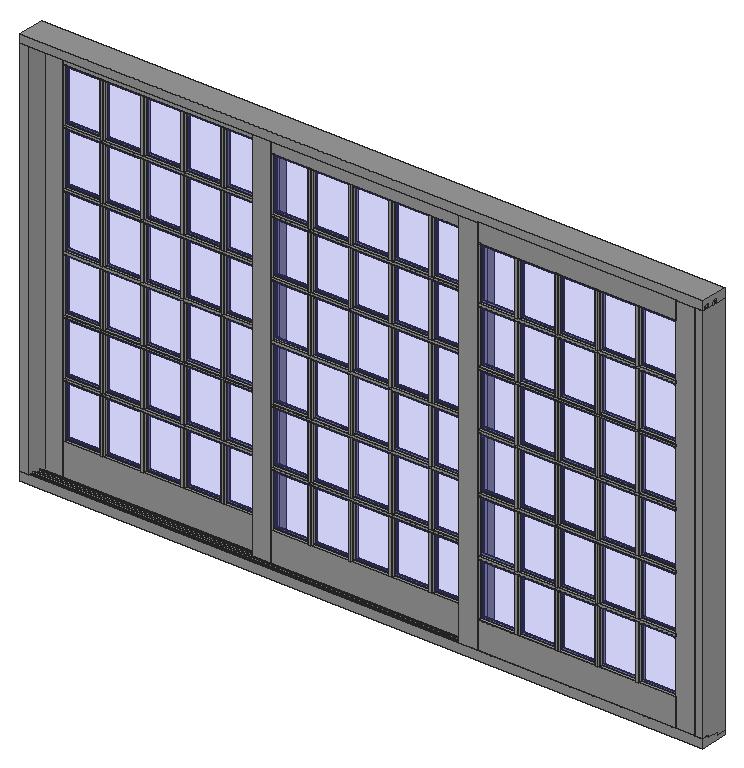
Revit family "VSD3.6SPTS LH", category Doors, host Wall, Revit 2015 (continued)
Automatic sketch dimensions
  Extrusion 1 sketch curve to Extrusion 1 sketch curve = 8 mm
  Extrusion 1 sketch curve to Extrusion 1 sketch curve = 24 mm
  host wall to Extrusion 1 sketch curve = 6 mm
  Extrusion 1 sketch curve to host wall = 18 mm
  level to Extrusion 1 sketch curve = 21 mm
  Extrusion 1 sketch curve to Extrusion 1 sketch curve = 11 mm  (x2)
  Extrusion 1 sketch curve to Extrusion 1 sketch curve = 1 mm  (x2)
  plane 5 to Extrusion 2 sketch curve = 0 mm
  Extrusion 2 sketch curve to host wall = 5 mm  (x2)
  Extrusion 2 sketch curve to Extrusion 2 sketch curve = 9 mm
  Extrusion 2 sketch curve to Extrusion 2 sketch curve = 22 mm
  host wall to Extrusion 2 sketch curve = 5 mm
  Extrusion 2 sketch curve to host wall = 17 mm
  plane 5 to Extrusion 2 sketch curve = 25 mm  (x2)
  Extrusion 2 sketch curve to Extrusion 2 sketch curve = 20 mm  (x3)
  Extrusion 3 sketch curve to plane 4 "Right" = 0 mm
  Extrusion 3 sketch curve to plane 3 "Left" = 0 mm
  Extrusion 3 sketch curve to plane 4 "Right" = 43 mm
  host wall to Extrusion 3 sketch curve = 5 mm  (x4)
  Extrusion 3 sketch curve to Extrusion 3 sketch curve = 45 mm
  plane 3 "Left" to Extrusion 3 sketch curve = 45 mm
  Extrusion 3 sketch curve to Extrusion 3 sketch curve = 2 mm
  host wall to Extrusion 3 sketch curve = 25 mm  (x2)
  Extrusion 4 sketch curve to plane 4 "Right" = 0 mm
  Extrusion 4 sketch curve to plane 3 "Left" = 0 mm
  Extrusion 4 sketch curve to plane 4 "Right" = 43 mm
  Extrusion 4 sketch curve to Extrusion 4 sketch curve = 2 mm  (x2)
  plane 3 "Left" to Extrusion 4 sketch curve = 45 mm
  host wall to Extrusion 4 sketch curve = 5 mm  (x2)
  host wall to Extrusion 4 sketch curve = 25 mm
  Extrusion 4 sketch curve to Extrusion 4 sketch curve = 20 mm
  host wall to Extrusion 4 sketch curve = 37 mm  (x2)
  Extrusion 5 sketch curve to host wall = 13 mm
  Extrusion 5 sketch curve to Extrusion 5 sketch curve = 11 mm  (x2)
  Extrusion 5 sketch curve to Extrusion 5 sketch curve = 1 mm  (x3)
  level to Extrusion 5 sketch curve = 48 mm
  Extrusion 5 sketch curve to Extrusion 5 sketch curve = 1.118 mm
  Extrusion 5 sketch curve to Extrusion 5 sketch curve = 1.882 mm  (x2)
  Extrusion 6 sketch curve to plane 4 "Right" = 0 mm
  Extrusion 6 sketch curve to plane 3 "Left" = 0 mm
  host wall to Extrusion 6 sketch curve = 5 mm  (x2)
  Extrusion 6 sketch curve to Extrusion 6 sketch curve = 43 mm
  Extrusion 6 sketch curve to Extrusion 6 sketch curve = 2 mm  (x2)
  host wall to Extrusion 6 sketch curve = 18 mm  (x2)
  plane 3 "Left" to Extrusion 6 sketch curve = 45 mm
  Extrusion 6 sketch curve to Extrusion 6 sketch curve = 20 mm
  host wall to Extrusion 6 sketch curve = 25 mm
  host wall to Extrusion 7 sketch curve = 6 mm
  Extrusion 7 sketch curve to host wall = 5 mm
  Extrusion 7 sketch curve to Extrusion 7 sketch curve = 1 mm  (x3)
  Extrusion 7 sketch curve to Extrusion 7 sketch curve = 11 mm
  level to Extrusion 7 sketch curve = 36 mm
  Extrusion 7 sketch curve to Extrusion 7 sketch curve = 1.118 mm
  Extrusion 7 sketch curve to Extrusion 7 sketch curve = 1.882 mm  (x2)
  Extrusion 8 sketch curve to plane 8 = 0 mm
  Extrusion 8 sketch curve to plane 9 = 0 mm
  Extrusion 8 sketch curve to plane 12 = 0 mm
  Extrusion 8 sketch curve to plane 13 = 0 mm
  Extrusion 8 sketch curve to plane 9 = 9 mm  (x2)
  Extrusion 8 sketch curve to Extrusion 8 sketch curve = 0.473 mm  (x3)
  Extrusion 8 sketch curve to Extrusion 8 sketch curve = 2 mm  (x5)
  Extrusion 8 sketch curve to Extrusion 8 sketch curve = 6.527 mm
  host wall to Extrusion 8 sketch curve = 5 mm  (x2)
  Extrusion 8 sketch curve to Extrusion 8 sketch curve = 6 mm  (x2)
  Extrusion 8 sketch curve to Extrusion 8 sketch curve = 1.468 mm
  Extrusion 8 sketch curve to host wall = 30 mm  (x2)
  Extrusion 9 sketch curve to plane 22 = 0 mm
  Extrusion 9 sketch curve to plane 23 = 0 mm
  Extrusion 9 sketch curve to plane 20 = 0 mm
  Extrusion 9 sketch curve to plane 21 = 0 mm
  Extrusion 9 sketch curve to Extrusion 9 sketch curve = 9 mm
  Extrusion 9 sketch curve to Extrusion 9 sketch curve = 0 mm
  Extrusion 9 sketch curve to Extrusion 9 sketch curve = 0.473 mm  (x2)
  Extrusion 9 sketch curve to Extrusion 9 sketch curve = 2 mm  (x4)
  Extrusion 9 sketch curve to Extrusion 9 sketch curve = 6.527 mm
  Extrusion 9 sketch curve to host wall = 1 mm  (x2)
  Extrusion 9 sketch curve to plane 20 = 9 mm
  Extrusion 9 sketch curve to host wall = 31 mm
  Extrusion 9 sketch curve to Extrusion 9 sketch curve = 30 mm
  Extrusion 9 sketch curve to Extrusion 9 sketch curve = 1.468 mm  (x2)
  Extrusion 9 sketch curve to host wall = 34 mm  (x2)
  Extrusion 10 sketch curve to plane 16 = 0 mm
  Extrusion 10 sketch curve to plane 17 = 0 mm
  Extrusion 10 sketch curve to plane 19 = 0 mm
  Extrusion 10 sketch curve to plane 18 = 0 mm
  plane 17 to Extrusion 10 sketch curve = 9 mm  (x2)
  Extrusion 10 sketch curve to Extrusion 10 sketch curve = 0.473 mm  (x3)
  Extrusion 10 sketch curve to Extrusion 10 sketch curve = 2 mm  (x4)
  host wall to Extrusion 10 sketch curve = 5.468 mm  (x2)
  Extrusion 10 sketch curve to Extrusion 10 sketch curve = 6.527 mm
  host wall to Extrusion 10 sketch curve = 4 mm
  Extrusion 10 sketch curve to Extrusion 10 sketch curve = 1.468 mm
  Extrusion 10 sketch curve to host wall = 26 mm  (x2)
  host wall to Extrusion 10 sketch curve = 14 mm  (x2)
  host wall to Extrusion 11 sketch curve = 4.5 mm
  host wall to Extrusion 11 sketch curve = 2.3 mm
  Extrusion 11 sketch curve to host wall = 14.3 mm
  Extrusion 11 sketch curve to Extrusion 11 sketch curve = 2.2 mm  (x2)
  plane 5 to Extrusion 11 sketch curve = 25 mm
  Extrusion 11 sketch curve to Extrusion 11 sketch curve = 17.8 mm  (x2)
  Extrusion 12 sketch curve to host wall = 14.5 mm
  Extrusion 12 sketch curve to Extrusion 12 sketch curve = 2.2 mm  (x3)
  Extrusion 12 sketch curve to Extrusion 12 sketch curve = 16.6 mm
  plane 5 to Extrusion 12 sketch curve = 25 mm
  Extrusion 12 sketch curve to Extrusion 12 sketch curve = 17.8 mm  (x2)
  Extrusion 13 sketch curve to host wall = 34 mm  (x7)
  Extrusion 13 sketch curve to Extrusion 13 sketch curve = 2 mm  (x28)
  Extrusion 13 sketch curve to Extrusion 13 sketch curve = 6 mm  (x12)
  Extrusion 13 sketch curve to Extrusion 13 sketch curve = 0.803 mm  (x9)
  Extrusion 13 sketch curve to Extrusion 13 sketch curve = 6.803 mm  (x3)
  Extrusion 13 sketch curve to Extrusion 13 sketch curve = 1.197 mm  (x8)
  Extrusion 13 sketch curve to host wall = 1 mm  (x7)
  plane 5 to Extrusion 13 sketch curve = 45 mm
  Extrusion 13 sketch curve to Extrusion 13 sketch curve = 96 mm
  Extrusion 13 sketch curve to Extrusion 13 sketch curve = 0 mm  (x6)
  Extrusion 13 sketch curve to Extrusion 13 sketch curve = 0.241 mm  (x12)
  Extrusion 13 sketch curve to Extrusion 13 sketch curve = 266 mm  (x5)
  Extrusion 13 sketch curve to Extrusion 13 sketch curve = 6.759 mm  (x6)
  Extrusion 13 sketch curve to Extrusion 13 sketch curve = 13 mm  (x5)
  level to Extrusion 13 sketch curve = 199 mm
  level to Extrusion 13 sketch curve = 21 mm
  Sweep 14 sketch curve to plane 3 "Left" = 338.86 mm
  Sweep 14 sketch curve to plane 3 "Left" = 141 mm
  Sweep 14 sketch curve to Sweep 14 sketch curve = 284 mm
  Sweep 14 sketch curve to profile plane = 0 mm
  Sweep 14 sketch curve to profile plane = 0.241 mm
  Sweep 14 sketch curve to Sweep 14 sketch curve = 6.759 mm
  Sweep 14 sketch curve to Sweep 14 sketch curve = 2 mm  (x2)
  Sweep 14 sketch curve to profile plane = 132.5 mm
  Sweep 14 sketch curve to Sweep 14 sketch curve = 6 mm
  level to Extrusion 15 sketch curve = 190 mm  (x2)
  Extrusion 15 sketch curve to plane 2 "Center (Left/Right)" = 607.667 mm
  Extrusion 15 sketch curve to Extrusion 15 sketch curve = 0 mm  (x43)
  Extrusion 15 sketch curve to Extrusion 15 sketch curve = 197.893 mm  (x3)
  Extrusion 15 sketch curve to Extrusion 15 sketch curve = 13 mm  (x34)
  Extrusion 15 sketch curve to Extrusion 15 sketch curve = 197.85 mm  (x4)
  Extrusion 15 sketch curve to Extrusion 15 sketch curve = 13.01 mm  (x3)
  Extrusion 15 sketch curve to Extrusion 15 sketch curve = 197.86 mm  (x8)
  Extrusion 15 sketch curve to plane 3 "Left" = 141 mm  (x4)
  Extrusion 15 sketch curve to Extrusion 15 sketch curve = 283.988 mm  (x5)
  Extrusion 15 sketch curve to Extrusion 15 sketch curve = 0.012 mm  (x10)
  plane 5 to Extrusion 15 sketch curve = 141.012 mm
  plane 5 to Extrusion 15 sketch curve = 141 mm  (x2)
  Extrusion 16 sketch curve to host wall = 31 mm  (x2)
  Extrusion 16 sketch curve to plane 2 "Center (Left/Right)" = 796.56 mm
  Extrusion 16 sketch curve to Extrusion 16 sketch curve = 2 mm  (x22)
  Extrusion 16 sketch curve to Extrusion 16 sketch curve = 6.759 mm  (x8)
  Extrusion 16 sketch curve to host wall = 1 mm  (x4)
  Extrusion 16 sketch curve to Extrusion 16 sketch curve = 0.241 mm  (x12)
  Extrusion 16 sketch curve to Extrusion 16 sketch curve = 13 mm  (x6)
  Extrusion 16 sketch curve to Extrusion 16 sketch curve = 0 mm  (x4)
  Extrusion 16 sketch curve to host wall = 33 mm  (x2)
  Extrusion 16 sketch curve to Extrusion 16 sketch curve = 179.86 mm  (x3)
  Extrusion 16 sketch curve to Extrusion 16 sketch curve = 1.197 mm  (x8)
  Sweep 17 sketch curve to plane 3 "Left" = 549.72 mm
  Sweep 17 sketch curve to Sweep 17 sketch curve = 197.86 mm
  plane 5 to Sweep 17 sketch curve = 141 mm
  Sweep 17 sketch curve to Sweep 17 sketch curve = 284 mm
  Sweep 17 sketch curve to profile plane = 0 mm
  Sweep 17 sketch curve to profile plane = 0.241 mm
  Sweep 17 sketch curve to Sweep 17 sketch curve = 6.759 mm
  Sweep 17 sketch curve to Sweep 17 sketch curve = 2 mm  (x2)
  Sweep 17 sketch curve to profile plane = 132.5 mm
  Sweep 17 sketch curve to Sweep 17 sketch curve = 6 mm
  Sweep 18 sketch curve to plane 3 "Left" = 760.58 mm
  Sweep 18 sketch curve to Sweep 18 sketch curve = 197.86 mm
  plane 5 to Sweep 18 sketch curve = 141 mm
  Sweep 18 sketch curve to Sweep 18 sketch curve = 284 mm
  Sweep 18 sketch curve to profile plane = 0 mm
  Sweep 18 sketch curve to profile plane = 0.241 mm
  Sweep 18 sketch curve to Sweep 18 sketch curve = 6.759 mm
  Sweep 18 sketch curve to Sweep 18 sketch curve = 2 mm  (x2)
  Sweep 18 sketch curve to profile plane = 132.5 mm
  Sweep 18 sketch curve to Sweep 18 sketch curve = 6 mm
  Sweep 19 sketch curve to plane 2 "Center (Left/Right)" = 818.56 mm
  Sweep 19 sketch curve to Sweep 19 sketch curve = 197.86 mm
  plane 5 to Sweep 19 sketch curve = 141 mm
  Sweep 19 sketch curve to Sweep 19 sketch curve = 284 mm
  Sweep 19 sketch curve to profile plane = 0 mm
  Sweep 19 sketch curve to profile plane = 0.241 mm
  Sweep 19 sketch curve to Sweep 19 sketch curve = 6.759 mm
  Sweep 19 sketch curve to Sweep 19 sketch curve = 2 mm  (x2)
  Sweep 19 sketch curve to profile plane = 132.5 mm
  Sweep 19 sketch curve to Sweep 19 sketch curve = 6 mm
  Sweep 20 sketch curve to plane 2 "Center (Left/Right)" = 607.7 mm
  Sweep 20 sketch curve to Sweep 20 sketch curve = 197.86 mm
  plane 5 to Sweep 20 sketch curve = 141 mm
  Sweep 20 sketch curve to Sweep 20 sketch curve = 284 mm
  Sweep 20 sketch curve to profile plane = 0 mm
  Sweep 20 sketch curve to profile plane = 0.241 mm
  Sweep 20 sketch curve to Sweep 20 sketch curve = 6.759 mm
  Sweep 20 sketch curve to Sweep 20 sketch curve = 2 mm  (x2)
  Sweep 20 sketch curve to profile plane = 132.5 mm
  Sweep 20 sketch curve to Sweep 20 sketch curve = 6 mm
  Sweep 21 sketch curve to plane 3 "Left" = 338.86 mm
  Sweep 21 sketch curve to plane 3 "Left" = 141 mm
  plane 5 to Sweep 21 sketch curve = 438 mm
  Sweep 21 sketch curve to Sweep 21 sketch curve = 284 mm
  Sweep 21 sketch curve to profile plane = 0 mm
  Sweep 21 sketch curve to profile plane = 0.241 mm
  Sweep 21 sketch curve to Sweep 21 sketch curve = 6.759 mm
  Sweep 21 sketch curve to Sweep 21 sketch curve = 2 mm  (x2)
  Sweep 21 sketch curve to profile plane = 132.5 mm
  Sweep 21 sketch curve to Sweep 21 sketch curve = 6 mm
  Extrusion 22 sketch curve to host wall = 31 mm  (x2)
  Extrusion 22 sketch curve to plane 2 "Center (Left/Right)" = 796.56 mm
  Extrusion 22 sketch curve to Extrusion 22 sketch curve = 2 mm  (x22)
  Extrusion 22 sketch curve to Extrusion 22 sketch curve = 6.759 mm  (x8)
  Extrusion 22 sketch curve to host wall = 1 mm  (x4)
  Extrusion 22 sketch curve to Extrusion 22 sketch curve = 0.241 mm  (x12)
  Extrusion 22 sketch curve to Extrusion 22 sketch curve = 13 mm  (x6)
  Extrusion 22 sketch curve to Extrusion 22 sketch curve = 0 mm  (x4)
  Extrusion 22 sketch curve to host wall = 33 mm  (x2)
  Extrusion 22 sketch curve to Extrusion 22 sketch curve = 179.86 mm  (x3)
  Extrusion 22 sketch curve to Extrusion 22 sketch curve = 1.197 mm  (x8)
  Sweep 23 sketch curve to plane 3 "Left" = 549.72 mm
  Sweep 23 sketch curve to Sweep 23 sketch curve = 197.86 mm
  plane 5 to Sweep 23 sketch curve = 438 mm
  Sweep 23 sketch curve to Sweep 23 sketch curve = 284 mm
  Sweep 23 sketch curve to profile plane = 0 mm
  Sweep 23 sketch curve to profile plane = 0.241 mm
  Sweep 23 sketch curve to Sweep 23 sketch curve = 6.759 mm
  Sweep 23 sketch curve to Sweep 23 sketch curve = 2 mm  (x2)
  Sweep 23 sketch curve to profile plane = 132.5 mm
  Sweep 23 sketch curve to Sweep 23 sketch curve = 6 mm
  Sweep 24 sketch curve to plane 3 "Left" = 760.58 mm
  Sweep 24 sketch curve to Sweep 24 sketch curve = 197.86 mm
  plane 5 to Sweep 24 sketch curve = 438 mm
  Sweep 24 sketch curve to Sweep 24 sketch curve = 284 mm
  Sweep 24 sketch curve to profile plane = 0 mm
  Sweep 24 sketch curve to profile plane = 0.241 mm
  Sweep 24 sketch curve to Sweep 24 sketch curve = 6.759 mm
  Sweep 24 sketch curve to Sweep 24 sketch curve = 2 mm  (x2)
  Sweep 24 sketch curve to profile plane = 132.5 mm
  Sweep 24 sketch curve to Sweep 24 sketch curve = 6 mm
  Sweep 25 sketch curve to plane 2 "Center (Left/Right)" = 818.56 mm
  Sweep 25 sketch curve to Sweep 25 sketch curve = 197.86 mm
  plane 5 to Sweep 25 sketch curve = 438 mm
  Sweep 25 sketch curve to Sweep 25 sketch curve = 284 mm
  Sweep 25 sketch curve to profile plane = 0 mm
  Sweep 25 sketch curve to profile plane = 0.241 mm
  Sweep 25 sketch curve to Sweep 25 sketch curve = 6.759 mm
  Sweep 25 sketch curve to Sweep 25 sketch curve = 2 mm  (x2)
  Sweep 25 sketch curve to profile plane = 132.5 mm
  Sweep 25 sketch curve to Sweep 25 sketch curve = 6 mm
  Sweep 26 sketch curve to plane 2 "Center (Left/Right)" = 607.7 mm
  Sweep 26 sketch curve to Sweep 26 sketch curve = 197.86 mm
  plane 5 to Sweep 26 sketch curve = 438 mm
  Sweep 26 sketch curve to Sweep 26 sketch curve = 284 mm
  Sweep 26 sketch curve to profile plane = 0 mm
  Sweep 26 sketch curve to profile plane = 0.241 mm
  Sweep 26 sketch curve to Sweep 26 sketch curve = 6.759 mm
  Sweep 26 sketch curve to Sweep 26 sketch curve = 2 mm  (x2)
  Sweep 26 sketch curve to profile plane = 132.5 mm
  Sweep 26 sketch curve to Sweep 26 sketch curve = 6 mm
  Sweep 27 sketch curve to plane 3 "Left" = 338.86 mm
  Sweep 27 sketch curve to plane 3 "Left" = 141 mm
  plane 5 to Sweep 27 sketch curve = 735 mm
  Sweep 27 sketch curve to Sweep 27 sketch curve = 284 mm
  Sweep 27 sketch curve to profile plane = 0 mm
  Sweep 27 sketch curve to profile plane = 0.241 mm
  Sweep 27 sketch curve to Sweep 27 sketch curve = 6.759 mm
  Sweep 27 sketch curve to Sweep 27 sketch curve = 2 mm  (x2)
  Sweep 27 sketch curve to profile plane = 132.5 mm
  Sweep 27 sketch curve to Sweep 27 sketch curve = 6 mm
  Extrusion 28 sketch curve to host wall = 31 mm  (x2)
  Extrusion 28 sketch curve to plane 2 "Center (Left/Right)" = 796.56 mm
  Extrusion 28 sketch curve to Extrusion 28 sketch curve = 2 mm  (x22)
  Extrusion 28 sketch curve to Extrusion 28 sketch curve = 6.759 mm  (x8)
  Extrusion 28 sketch curve to host wall = 1 mm  (x4)
  Extrusion 28 sketch curve to Extrusion 28 sketch curve = 0.241 mm  (x12)
  Extrusion 28 sketch curve to Extrusion 28 sketch curve = 13 mm  (x6)
  Extrusion 28 sketch curve to Extrusion 28 sketch curve = 0 mm  (x4)
  Extrusion 28 sketch curve to host wall = 33 mm  (x2)
  Extrusion 28 sketch curve to Extrusion 28 sketch curve = 179.86 mm  (x3)
  Extrusion 28 sketch curve to Extrusion 28 sketch curve = 1.197 mm  (x8)
  Sweep 29 sketch curve to plane 3 "Left" = 549.72 mm
  Sweep 29 sketch curve to Sweep 29 sketch curve = 197.86 mm
  plane 5 to Sweep 29 sketch curve = 735 mm
  Sweep 29 sketch curve to Sweep 29 sketch curve = 284 mm
  Sweep 29 sketch curve to profile plane = 0 mm
  Sweep 29 sketch curve to profile plane = 0.241 mm
  Sweep 29 sketch curve to Sweep 29 sketch curve = 6.759 mm
  Sweep 29 sketch curve to Sweep 29 sketch curve = 2 mm  (x2)
  Sweep 29 sketch curve to profile plane = 132.5 mm
  Sweep 29 sketch curve to Sweep 29 sketch curve = 6 mm
  Sweep 30 sketch curve to plane 3 "Left" = 760.58 mm
  Sweep 30 sketch curve to Sweep 30 sketch curve = 197.86 mm
  plane 5 to Sweep 30 sketch curve = 735 mm
  Sweep 30 sketch curve to Sweep 30 sketch curve = 284 mm
  Sweep 30 sketch curve to profile plane = 0 mm
  Sweep 30 sketch curve to profile plane = 0.241 mm
  Sweep 30 sketch curve to Sweep 30 sketch curve = 6.759 mm
  Sweep 30 sketch curve to Sweep 30 sketch curve = 2 mm  (x2)
  Sweep 30 sketch curve to profile plane = 132.5 mm
  Sweep 30 sketch curve to Sweep 30 sketch curve = 6 mm
  Sweep 31 sketch curve to plane 2 "Center (Left/Right)" = 818.56 mm
  Sweep 31 sketch curve to Sweep 31 sketch curve = 197.86 mm
  plane 5 to Sweep 31 sketch curve = 735 mm
  Sweep 31 sketch curve to Sweep 31 sketch curve = 284 mm
  Sweep 31 sketch curve to profile plane = 0 mm
  Sweep 31 sketch curve to profile plane = 0.241 mm
  Sweep 31 sketch curve to Sweep 31 sketch curve = 6.759 mm
  Sweep 31 sketch curve to Sweep 31 sketch curve = 2 mm  (x2)
  Sweep 31 sketch curve to profile plane = 132.5 mm
  Sweep 31 sketch curve to Sweep 31 sketch curve = 6 mm
  Sweep 32 sketch curve to plane 2 "Center (Left/Right)" = 607.7 mm
  Sweep 32 sketch curve to Sweep 32 sketch curve = 197.86 mm
  plane 5 to Sweep 32 sketch curve = 735 mm
  Sweep 32 sketch curve to Sweep 32 sketch curve = 284 mm
  Sweep 32 sketch curve to profile plane = 0 mm
  Sweep 32 sketch curve to profile plane = 0.241 mm
  Sweep 32 sketch curve to Sweep 32 sketch curve = 6.759 mm
  Sweep 32 sketch curve to Sweep 32 sketch curve = 2 mm  (x2)
  Sweep 32 sketch curve to profile plane = 132.5 mm
  Sweep 32 sketch curve to Sweep 32 sketch curve = 6 mm
  Sweep 33 sketch curve to plane 3 "Left" = 338.86 mm
  Sweep 33 sketch curve to plane 3 "Left" = 141 mm
  plane 5 to Sweep 33 sketch curve = 1032 mm
  Sweep 33 sketch curve to Sweep 33 sketch curve = 284 mm
  Sweep 33 sketch curve to profile plane = 0 mm
  Sweep 33 sketch curve to profile plane = 0.241 mm
  Sweep 33 sketch curve to Sweep 33 sketch curve = 6.759 mm
  Sweep 33 sketch curve to Sweep 33 sketch curve = 2 mm  (x2)
  Sweep 33 sketch curve to profile plane = 132.5 mm
  Sweep 33 sketch curve to Sweep 33 sketch curve = 6 mm
  Extrusion 34 sketch curve to host wall = 31 mm  (x2)
  Extrusion 34 sketch curve to plane 2 "Center (Left/Right)" = 796.56 mm
  Extrusion 34 sketch curve to Extrusion 34 sketch curve = 2 mm  (x22)
  Extrusion 34 sketch curve to Extrusion 34 sketch curve = 6.759 mm  (x8)
  Extrusion 34 sketch curve to host wall = 1 mm  (x4)
  Extrusion 34 sketch curve to Extrusion 34 sketch curve = 0.241 mm  (x12)
  Extrusion 34 sketch curve to Extrusion 34 sketch curve = 13 mm  (x6)
  Extrusion 34 sketch curve to Extrusion 34 sketch curve = 0 mm  (x4)
  Extrusion 34 sketch curve to host wall = 33 mm  (x2)
  Extrusion 34 sketch curve to Extrusion 34 sketch curve = 179.86 mm  (x3)
  Extrusion 34 sketch curve to Extrusion 34 sketch curve = 1.197 mm  (x8)
  Sweep 35 sketch curve to plane 3 "Left" = 549.72 mm
  Sweep 35 sketch curve to Sweep 35 sketch curve = 197.86 mm
  plane 5 to Sweep 35 sketch curve = 1032 mm
  Sweep 35 sketch curve to Sweep 35 sketch curve = 284 mm
  Sweep 35 sketch curve to profile plane = 0 mm
  Sweep 35 sketch curve to profile plane = 0.241 mm
  Sweep 35 sketch curve to Sweep 35 sketch curve = 6.759 mm
  Sweep 35 sketch curve to Sweep 35 sketch curve = 2 mm  (x2)
  Sweep 35 sketch curve to profile plane = 132.5 mm
  Sweep 35 sketch curve to Sweep 35 sketch curve = 6 mm
  Sweep 36 sketch curve to plane 3 "Left" = 760.58 mm
  Sweep 36 sketch curve to Sweep 36 sketch curve = 197.86 mm
  plane 5 to Sweep 36 sketch curve = 1032 mm
  Sweep 36 sketch curve to Sweep 36 sketch curve = 284 mm
  Sweep 36 sketch curve to profile plane = 0 mm
  Sweep 36 sketch curve to profile plane = 0.241 mm
  Sweep 36 sketch curve to Sweep 36 sketch curve = 6.759 mm
  Sweep 36 sketch curve to Sweep 36 sketch curve = 2 mm  (x2)
  Sweep 36 sketch curve to profile plane = 132.5 mm
  Sweep 36 sketch curve to Sweep 36 sketch curve = 6 mm
  Sweep 37 sketch curve to plane 2 "Center (Left/Right)" = 818.56 mm
  Sweep 37 sketch curve to Sweep 37 sketch curve = 197.86 mm
  plane 5 to Sweep 37 sketch curve = 1032 mm
  Sweep 37 sketch curve to Sweep 37 sketch curve = 284 mm
  Sweep 37 sketch curve to profile plane = 0 mm
  Sweep 37 sketch curve to profile plane = 0.241 mm
  Sweep 37 sketch curve to Sweep 37 sketch curve = 6.759 mm
  Sweep 37 sketch curve to Sweep 37 sketch curve = 2 mm  (x2)
  Sweep 37 sketch curve to profile plane = 132.5 mm
  Sweep 37 sketch curve to Sweep 37 sketch curve = 6 mm
  Sweep 38 sketch curve to plane 2 "Center (Left/Right)" = 607.7 mm
  Sweep 38 sketch curve to Sweep 38 sketch curve = 197.86 mm
  plane 5 to Sweep 38 sketch curve = 1032 mm
  Sweep 38 sketch curve to Sweep 38 sketch curve = 284 mm
  Sweep 38 sketch curve to profile plane = 0 mm
  Sweep 38 sketch curve to profile plane = 0.241 mm
  Sweep 38 sketch curve to Sweep 38 sketch curve = 6.759 mm
  Sweep 38 sketch curve to Sweep 38 sketch curve = 2 mm  (x2)
  Sweep 38 sketch curve to profile plane = 132.5 mm
  Sweep 38 sketch curve to Sweep 38 sketch curve = 6 mm
  Sweep 39 sketch curve to plane 3 "Left" = 338.86 mm
  Sweep 39 sketch curve to plane 3 "Left" = 141 mm
  level to Sweep 39 sketch curve = 771 mm
  Sweep 39 sketch curve to Sweep 39 sketch curve = 284 mm
  Sweep 39 sketch curve to profile plane = 0 mm
  Sweep 39 sketch curve to profile plane = 0.241 mm
  Sweep 39 sketch curve to Sweep 39 sketch curve = 6.759 mm
  Sweep 39 sketch curve to Sweep 39 sketch curve = 2 mm  (x2)
  Sweep 39 sketch curve to profile plane = 132.5 mm
  Sweep 39 sketch curve to Sweep 39 sketch curve = 6 mm
  Extrusion 40 sketch curve to host wall = 31 mm  (x2)
  Extrusion 40 sketch curve to plane 2 "Center (Left/Right)" = 796.56 mm
  Extrusion 40 sketch curve to Extrusion 40 sketch curve = 2 mm  (x22)
  Extrusion 40 sketch curve to Extrusion 40 sketch curve = 6.759 mm  (x8)
  Extrusion 40 sketch curve to host wall = 1 mm  (x4)
  Extrusion 40 sketch curve to Extrusion 40 sketch curve = 0.241 mm  (x12)
  Extrusion 40 sketch curve to Extrusion 40 sketch curve = 13 mm  (x6)
  Extrusion 40 sketch curve to Extrusion 40 sketch curve = 0 mm  (x4)
  Extrusion 40 sketch curve to host wall = 33 mm  (x2)
  Extrusion 40 sketch curve to Extrusion 40 sketch curve = 179.86 mm  (x3)
  Extrusion 40 sketch curve to Extrusion 40 sketch curve = 1.197 mm  (x8)
  Sweep 41 sketch curve to plane 3 "Left" = 549.72 mm
  Sweep 41 sketch curve to Sweep 41 sketch curve = 197.86 mm
  level to Sweep 41 sketch curve = 771 mm
  Sweep 41 sketch curve to Sweep 41 sketch curve = 284 mm
  Sweep 41 sketch curve to profile plane = 0 mm
  Sweep 41 sketch curve to profile plane = 0.241 mm
  Sweep 41 sketch curve to Sweep 41 sketch curve = 6.759 mm
  Sweep 41 sketch curve to Sweep 41 sketch curve = 2 mm  (x2)
  Sweep 41 sketch curve to profile plane = 132.5 mm
  Sweep 41 sketch curve to Sweep 41 sketch curve = 6 mm
  Sweep 42 sketch curve to plane 3 "Left" = 760.58 mm
  Sweep 42 sketch curve to Sweep 42 sketch curve = 197.86 mm
  level to Sweep 42 sketch curve = 771 mm
  Sweep 42 sketch curve to Sweep 42 sketch curve = 284 mm
  Sweep 42 sketch curve to profile plane = 0 mm
  Sweep 42 sketch curve to profile plane = 0.241 mm
  Sweep 42 sketch curve to Sweep 42 sketch curve = 6.759 mm
  Sweep 42 sketch curve to Sweep 42 sketch curve = 2 mm  (x2)
  Sweep 42 sketch curve to profile plane = 132.5 mm
  Sweep 42 sketch curve to Sweep 42 sketch curve = 6 mm
  Sweep 43 sketch curve to plane 2 "Center (Left/Right)" = 818.56 mm
  Sweep 43 sketch curve to Sweep 43 sketch curve = 197.86 mm
  level to Sweep 43 sketch curve = 771 mm
  Sweep 43 sketch curve to Sweep 43 sketch curve = 284 mm
  Sweep 43 sketch curve to profile plane = 0 mm
  Sweep 43 sketch curve to profile plane = 0.241 mm
  Sweep 43 sketch curve to Sweep 43 sketch curve = 6.759 mm
  Sweep 43 sketch curve to Sweep 43 sketch curve = 2 mm  (x2)
  Sweep 43 sketch curve to profile plane = 132.5 mm
  Sweep 43 sketch curve to Sweep 43 sketch curve = 6 mm
  Sweep 44 sketch curve to plane 2 "Center (Left/Right)" = 607.7 mm
  Sweep 44 sketch curve to Sweep 44 sketch curve = 197.86 mm
  level to Sweep 44 sketch curve = 771 mm
  Sweep 44 sketch curve to Sweep 44 sketch curve = 284 mm
  Sweep 44 sketch curve to profile plane = 0 mm
  Sweep 44 sketch curve to profile plane = 0.241 mm
  Sweep 44 sketch curve to Sweep 44 sketch curve = 6.759 mm
  Sweep 44 sketch curve to Sweep 44 sketch curve = 2 mm  (x2)
  Sweep 44 sketch curve to profile plane = 132.5 mm
  Sweep 44 sketch curve to Sweep 44 sketch curve = 6 mm
  Sweep 45 sketch curve to plane 3 "Left" = 338.86 mm
  Sweep 45 sketch curve to plane 3 "Left" = 141 mm
  level to Sweep 45 sketch curve = 474 mm
  level to Sweep 45 sketch curve = 190 mm
  Sweep 45 sketch curve to profile plane = 0 mm
  Sweep 45 sketch curve to profile plane = 0.241 mm
  Sweep 45 sketch curve to Sweep 45 sketch curve = 6.759 mm
  Sweep 45 sketch curve to Sweep 45 sketch curve = 2 mm  (x2)
  Sweep 45 sketch curve to profile plane = 132.5 mm
  Sweep 45 sketch curve to Sweep 45 sketch curve = 6 mm
  Extrusion 46 sketch curve to host wall = 31 mm  (x2)
  Extrusion 46 sketch curve to plane 2 "Center (Left/Right)" = 796.56 mm
  Extrusion 46 sketch curve to Extrusion 46 sketch curve = 2 mm  (x22)
  Extrusion 46 sketch curve to Extrusion 46 sketch curve = 6.759 mm  (x8)
  Extrusion 46 sketch curve to host wall = 1 mm  (x4)
  Extrusion 46 sketch curve to Extrusion 46 sketch curve = 0.241 mm  (x12)
  Extrusion 46 sketch curve to Extrusion 46 sketch curve = 13 mm  (x6)
  Extrusion 46 sketch curve to Extrusion 46 sketch curve = 0 mm  (x4)
  Extrusion 46 sketch curve to host wall = 33 mm  (x2)
  Extrusion 46 sketch curve to Extrusion 46 sketch curve = 179.86 mm  (x3)
  Extrusion 46 sketch curve to Extrusion 46 sketch curve = 1.197 mm  (x8)
  level to Sweep 47 sketch curve = 190 mm
  Sweep 47 sketch curve to plane 3 "Left" = 549.72 mm
  Sweep 47 sketch curve to Sweep 47 sketch curve = 197.86 mm
  Sweep 47 sketch curve to Sweep 47 sketch curve = 284 mm
  Sweep 47 sketch curve to profile plane = 0 mm
  Sweep 47 sketch curve to profile plane = 0.241 mm
  Sweep 47 sketch curve to Sweep 47 sketch curve = 6.759 mm
  Sweep 47 sketch curve to Sweep 47 sketch curve = 2 mm  (x2)
  Sweep 47 sketch curve to profile plane = 132.5 mm
  Sweep 47 sketch curve to Sweep 47 sketch curve = 6 mm
  level to Sweep 48 sketch curve = 190 mm
  Sweep 48 sketch curve to plane 3 "Left" = 760.58 mm
  Sweep 48 sketch curve to Sweep 48 sketch curve = 197.86 mm
  Sweep 48 sketch curve to Sweep 48 sketch curve = 284 mm
  Sweep 48 sketch curve to profile plane = 0 mm
  Sweep 48 sketch curve to profile plane = 0.241 mm
  Sweep 48 sketch curve to Sweep 48 sketch curve = 6.759 mm
  Sweep 48 sketch curve to Sweep 48 sketch curve = 2 mm  (x2)
  Sweep 48 sketch curve to profile plane = 132.5 mm
  Sweep 48 sketch curve to Sweep 48 sketch curve = 6 mm
  level to Sweep 49 sketch curve = 190 mm
  Sweep 49 sketch curve to plane 2 "Center (Left/Right)" = 818.56 mm
  Sweep 49 sketch curve to Sweep 49 sketch curve = 197.86 mm
  Sweep 49 sketch curve to Sweep 49 sketch curve = 284 mm
  Sweep 49 sketch curve to profile plane = 0 mm
  Sweep 49 sketch curve to profile plane = 0.241 mm
  Sweep 49 sketch curve to Sweep 49 sketch curve = 6.759 mm
  Sweep 49 sketch curve to Sweep 49 sketch curve = 2 mm  (x2)
  Sweep 49 sketch curve to profile plane = 132.5 mm
  Sweep 49 sketch curve to Sweep 49 sketch curve = 6 mm
  level to Sweep 50 sketch curve = 190 mm
  Sweep 50 sketch curve to plane 2 "Center (Left/Right)" = 607.7 mm
  Sweep 50 sketch curve to Sweep 50 sketch curve = 197.86 mm
  Sweep 50 sketch curve to Sweep 50 sketch curve = 284 mm
  Sweep 50 sketch curve to profile plane = 0 mm
  Sweep 50 sketch curve to profile plane = 0.241 mm
  Sweep 50 sketch curve to Sweep 50 sketch curve = 6.759 mm
  Sweep 50 sketch curve to Sweep 50 sketch curve = 2 mm  (x2)
  Sweep 50 sketch curve to profile plane = 132.5 mm
  Sweep 50 sketch curve to Sweep 50 sketch curve = 6 mm
  host wall to Extrusion 51 sketch curve = 14 mm  (x7)
  Extrusion 51 sketch curve to Extrusion 51 sketch curve = 2 mm  (x28)
  host wall to Extrusion 51 sketch curve = 6 mm  (x12)
  host wall to Extrusion 51 sketch curve = 5.197 mm  (x12)
  Extrusion 51 sketch curve to Extrusion 51 sketch curve = 1.197 mm  (x8)
  Extrusion 51 sketch curve to host wall = 26 mm  (x7)
  plane 5 to Extrusion 51 sketch curve = 45 mm
  Extrusion 51 sketch curve to Extrusion 51 sketch curve = 96 mm
  Extrusion 51 sketch curve to Extrusion 51 sketch curve = 0 mm  (x6)
  Extrusion 51 sketch curve to Extrusion 51 sketch curve = 0.241 mm  (x12)
  Extrusion 51 sketch curve to Extrusion 51 sketch curve = 266 mm  (x5)
  Extrusion 51 sketch curve to Extrusion 51 sketch curve = 6.759 mm  (x6)
  Extrusion 51 sketch curve to Extrusion 51 sketch curve = 13 mm  (x5)
  level to Extrusion 51 sketch curve = 199 mm
  level to Extrusion 51 sketch curve = 33 mm
  Sweep 52 sketch curve to plane 2 "Center (Left/Right)" = 322.807 mm
  Sweep 52 sketch curve to Sweep 52 sketch curve = 197.86 mm
  Sweep 52 sketch curve to Sweep 52 sketch curve = 284 mm
  Sweep 52 sketch curve to profile plane = 0 mm
  Sweep 52 sketch curve to profile plane = 0.241 mm
  Sweep 52 sketch curve to Sweep 52 sketch curve = 6.759 mm
  Sweep 52 sketch curve to Sweep 52 sketch curve = 2 mm  (x2)
  Sweep 52 sketch curve to profile plane = 132.5 mm
  Sweep 52 sketch curve to Sweep 52 sketch curve = 6 mm
  level to Extrusion 53 sketch curve = 190 mm  (x2)
  plane 2 "Center (Left/Right)" to Extrusion 53 sketch curve = 520.667 mm
  Extrusion 53 sketch curve to Extrusion 53 sketch curve = 0 mm  (x43)
  Extrusion 53 sketch curve to Extrusion 53 sketch curve = 197.893 mm  (x3)
  Extrusion 53 sketch curve to Extrusion 53 sketch curve = 13 mm  (x34)
  plane 2 "Center (Left/Right)" to Extrusion 53 sketch curve = 111.923 mm  (x4)
  Extrusion 53 sketch curve to Extrusion 53 sketch curve = 13.01 mm  (x3)
  Extrusion 53 sketch curve to plane 2 "Center (Left/Right)" = 98.947 mm  (x5)
  Extrusion 53 sketch curve to Extrusion 53 sketch curve = 197.86 mm  (x7)
  Extrusion 53 sketch curve to Extrusion 53 sketch curve = 283.988 mm  (x5)
  Extrusion 53 sketch curve to Extrusion 53 sketch curve = 0.012 mm  (x10)
  plane 5 to Extrusion 53 sketch curve = 141.012 mm
  plane 5 to Extrusion 53 sketch curve = 141 mm  (x2)
  host wall to Extrusion 54 sketch curve = 4 mm  (x8)
  plane 2 "Center (Left/Right)" to Extrusion 54 sketch curve = 331.773 mm
  Extrusion 54 sketch curve to Extrusion 54 sketch curve = 2 mm  (x18)
  Extrusion 54 sketch curve to Extrusion 54 sketch curve = 6.759 mm  (x8)
  Extrusion 54 sketch curve to Extrusion 54 sketch curve = 0.241 mm  (x12)
  Extrusion 54 sketch curve to Extrusion 54 sketch curve = 13 mm  (x6)
  Extrusion 54 sketch curve to Extrusion 54 sketch curve = 0 mm  (x2)
  host wall to Extrusion 54 sketch curve = 6 mm  (x2)
  plane 2 "Center (Left/Right)" to Extrusion 54 sketch curve = 120.913 mm
  Extrusion 54 sketch curve to plane 2 "Center (Left/Right)" = 89.947 mm
  Extrusion 54 sketch curve to Extrusion 54 sketch curve = 179.86 mm
  Extrusion 54 sketch curve to host wall = 26 mm  (x4)
  Extrusion 54 sketch curve to Extrusion 54 sketch curve = 1.197 mm  (x8)
  Sweep 55 sketch curve to plane 2 "Center (Left/Right)" = 111.947 mm
  Sweep 55 sketch curve to Sweep 55 sketch curve = 197.86 mm
  plane 5 to Sweep 55 sketch curve = 141 mm
  Sweep 55 sketch curve to Sweep 55 sketch curve = 284 mm
  Sweep 55 sketch curve to profile plane = 0 mm
  Sweep 55 sketch curve to profile plane = 0.241 mm
  Sweep 55 sketch curve to Sweep 55 sketch curve = 6.759 mm
  Sweep 55 sketch curve to Sweep 55 sketch curve = 2 mm  (x2)
  Sweep 55 sketch curve to profile plane = 132.5 mm
  Sweep 55 sketch curve to Sweep 55 sketch curve = 6 mm
  plane 2 "Center (Left/Right)" to Sweep 56 sketch curve = 98.913 mm
  Sweep 56 sketch curve to plane 2 "Center (Left/Right)" = 98.947 mm
  plane 5 to Sweep 56 sketch curve = 141 mm
  Sweep 56 sketch curve to Sweep 56 sketch curve = 284 mm
  Sweep 56 sketch curve to profile plane = 0 mm
  Sweep 56 sketch curve to profile plane = 0.241 mm
  Sweep 56 sketch curve to Sweep 56 sketch curve = 6.759 mm
  Sweep 56 sketch curve to Sweep 56 sketch curve = 2 mm  (x2)
  Sweep 56 sketch curve to profile plane = 132.5 mm
  Sweep 56 sketch curve to Sweep 56 sketch curve = 6 mm
  plane 2 "Center (Left/Right)" to Sweep 57 sketch curve = 309.773 mm
  plane 2 "Center (Left/Right)" to Sweep 57 sketch curve = 111.913 mm
  plane 5 to Sweep 57 sketch curve = 141 mm
  Sweep 57 sketch curve to Sweep 57 sketch curve = 284 mm
  Sweep 57 sketch curve to profile plane = 0 mm
  Sweep 57 sketch curve to profile plane = 0.241 mm
  Sweep 57 sketch curve to Sweep 57 sketch curve = 6.759 mm
  Sweep 57 sketch curve to Sweep 57 sketch curve = 2 mm  (x2)
  Sweep 57 sketch curve to profile plane = 132.5 mm
  Sweep 57 sketch curve to Sweep 57 sketch curve = 6 mm
  plane 2 "Center (Left/Right)" to Sweep 58 sketch curve = 520.633 mm
  Sweep 58 sketch curve to Sweep 58 sketch curve = 197.86 mm
  plane 5 to Sweep 58 sketch curve = 141 mm
  Sweep 58 sketch curve to Sweep 58 sketch curve = 284 mm
  Sweep 58 sketch curve to profile plane = 0 mm
  Sweep 58 sketch curve to profile plane = 0.241 mm
  Sweep 58 sketch curve to Sweep 58 sketch curve = 6.759 mm
  Sweep 58 sketch curve to Sweep 58 sketch curve = 2 mm  (x2)
  Sweep 58 sketch curve to profile plane = 132.5 mm
  Sweep 58 sketch curve to Sweep 58 sketch curve = 6 mm
  Sweep 59 sketch curve to plane 2 "Center (Left/Right)" = 322.807 mm
  Sweep 59 sketch curve to Sweep 59 sketch curve = 197.86 mm
  plane 5 to Sweep 59 sketch curve = 438 mm
  Sweep 59 sketch curve to Sweep 59 sketch curve = 284 mm
  Sweep 59 sketch curve to profile plane = 0 mm
  Sweep 59 sketch curve to profile plane = 0.241 mm
  Sweep 59 sketch curve to Sweep 59 sketch curve = 6.759 mm
  Sweep 59 sketch curve to Sweep 59 sketch curve = 2 mm  (x2)
  Sweep 59 sketch curve to profile plane = 132.5 mm
  Sweep 59 sketch curve to Sweep 59 sketch curve = 6 mm
  host wall to Extrusion 60 sketch curve = 4 mm  (x8)
  plane 2 "Center (Left/Right)" to Extrusion 60 sketch curve = 331.773 mm
  Extrusion 60 sketch curve to Extrusion 60 sketch curve = 2 mm  (x18)
  Extrusion 60 sketch curve to Extrusion 60 sketch curve = 6.759 mm  (x8)
  Extrusion 60 sketch curve to Extrusion 60 sketch curve = 0.241 mm  (x12)
  Extrusion 60 sketch curve to Extrusion 60 sketch curve = 13 mm  (x6)
  Extrusion 60 sketch curve to Extrusion 60 sketch curve = 0 mm  (x2)
  host wall to Extrusion 60 sketch curve = 6 mm  (x2)
  plane 2 "Center (Left/Right)" to Extrusion 60 sketch curve = 120.913 mm
  Extrusion 60 sketch curve to plane 2 "Center (Left/Right)" = 89.947 mm
  Extrusion 60 sketch curve to Extrusion 60 sketch curve = 179.86 mm
  Extrusion 60 sketch curve to host wall = 26 mm  (x4)
  Extrusion 60 sketch curve to Extrusion 60 sketch curve = 1.197 mm  (x8)
  Sweep 61 sketch curve to plane 2 "Center (Left/Right)" = 111.947 mm
  Sweep 61 sketch curve to Sweep 61 sketch curve = 197.86 mm
  plane 5 to Sweep 61 sketch curve = 438 mm
  Sweep 61 sketch curve to Sweep 61 sketch curve = 284 mm
  Sweep 61 sketch curve to profile plane = 0 mm
  Sweep 61 sketch curve to profile plane = 0.241 mm
  Sweep 61 sketch curve to Sweep 61 sketch curve = 6.759 mm
  Sweep 61 sketch curve to Sweep 61 sketch curve = 2 mm  (x2)
  Sweep 61 sketch curve to profile plane = 132.5 mm
  Sweep 61 sketch curve to Sweep 61 sketch curve = 6 mm
  plane 2 "Center (Left/Right)" to Sweep 62 sketch curve = 98.913 mm
  Sweep 62 sketch curve to plane 2 "Center (Left/Right)" = 98.947 mm
  plane 5 to Sweep 62 sketch curve = 438 mm
  Sweep 62 sketch curve to Sweep 62 sketch curve = 284 mm
  Sweep 62 sketch curve to profile plane = 0 mm
  Sweep 62 sketch curve to profile plane = 0.241 mm
  Sweep 62 sketch curve to Sweep 62 sketch curve = 6.759 mm
  Sweep 62 sketch curve to Sweep 62 sketch curve = 2 mm  (x2)
  Sweep 62 sketch curve to profile plane = 132.5 mm
  Sweep 62 sketch curve to Sweep 62 sketch curve = 6 mm
  plane 2 "Center (Left/Right)" to Sweep 63 sketch curve = 309.773 mm
  plane 2 "Center (Left/Right)" to Sweep 63 sketch curve = 111.913 mm
  plane 5 to Sweep 63 sketch curve = 438 mm
  Sweep 63 sketch curve to Sweep 63 sketch curve = 284 mm
  Sweep 63 sketch curve to profile plane = 0 mm
  Sweep 63 sketch curve to profile plane = 0.241 mm
  Sweep 63 sketch curve to Sweep 63 sketch curve = 6.759 mm
  Sweep 63 sketch curve to Sweep 63 sketch curve = 2 mm  (x2)
  Sweep 63 sketch curve to profile plane = 132.5 mm
  Sweep 63 sketch curve to Sweep 63 sketch curve = 6 mm
  plane 2 "Center (Left/Right)" to Sweep 64 sketch curve = 520.633 mm
  Sweep 64 sketch curve to Sweep 64 sketch curve = 197.86 mm
  plane 5 to Sweep 64 sketch curve = 438 mm
  Sweep 64 sketch curve to Sweep 64 sketch curve = 284 mm
  Sweep 64 sketch curve to profile plane = 0 mm
  Sweep 64 sketch curve to profile plane = 0.241 mm
  Sweep 64 sketch curve to Sweep 64 sketch curve = 6.759 mm
  Sweep 64 sketch curve to Sweep 64 sketch curve = 2 mm  (x2)
  Sweep 64 sketch curve to profile plane = 132.5 mm
  Sweep 64 sketch curve to Sweep 64 sketch curve = 6 mm
  Sweep 65 sketch curve to plane 2 "Center (Left/Right)" = 322.807 mm
  Sweep 65 sketch curve to Sweep 65 sketch curve = 197.86 mm
  plane 5 to Sweep 65 sketch curve = 735 mm
  Sweep 65 sketch curve to Sweep 65 sketch curve = 284 mm
  Sweep 65 sketch curve to profile plane = 0 mm
  Sweep 65 sketch curve to profile plane = 0.241 mm
  Sweep 65 sketch curve to Sweep 65 sketch curve = 6.759 mm
  Sweep 65 sketch curve to Sweep 65 sketch curve = 2 mm  (x2)
  Sweep 65 sketch curve to profile plane = 132.5 mm
  Sweep 65 sketch curve to Sweep 65 sketch curve = 6 mm
  host wall to Extrusion 66 sketch curve = 4 mm  (x8)
  plane 2 "Center (Left/Right)" to Extrusion 66 sketch curve = 331.773 mm
  Extrusion 66 sketch curve to Extrusion 66 sketch curve = 2 mm  (x18)
  Extrusion 66 sketch curve to Extrusion 66 sketch curve = 6.759 mm  (x8)
  Extrusion 66 sketch curve to Extrusion 66 sketch curve = 0.241 mm  (x12)
  Extrusion 66 sketch curve to Extrusion 66 sketch curve = 13 mm  (x6)
  Extrusion 66 sketch curve to Extrusion 66 sketch curve = 0 mm  (x2)
  host wall to Extrusion 66 sketch curve = 6 mm  (x2)
  plane 2 "Center (Left/Right)" to Extrusion 66 sketch curve = 120.913 mm
  Extrusion 66 sketch curve to plane 2 "Center (Left/Right)" = 89.947 mm
  Extrusion 66 sketch curve to Extrusion 66 sketch curve = 179.86 mm
  Extrusion 66 sketch curve to host wall = 26 mm  (x4)
  Extrusion 66 sketch curve to Extrusion 66 sketch curve = 1.197 mm  (x8)
  Sweep 67 sketch curve to plane 2 "Center (Left/Right)" = 111.947 mm
  Sweep 67 sketch curve to Sweep 67 sketch curve = 197.86 mm
  plane 5 to Sweep 67 sketch curve = 735 mm
  Sweep 67 sketch curve to Sweep 67 sketch curve = 284 mm
  Sweep 67 sketch curve to profile plane = 0 mm
  Sweep 67 sketch curve to profile plane = 0.241 mm
  Sweep 67 sketch curve to Sweep 67 sketch curve = 6.759 mm
  Sweep 67 sketch curve to Sweep 67 sketch curve = 2 mm  (x2)
  Sweep 67 sketch curve to profile plane = 132.5 mm
  Sweep 67 sketch curve to Sweep 67 sketch curve = 6 mm
  plane 2 "Center (Left/Right)" to Sweep 68 sketch curve = 98.913 mm
  Sweep 68 sketch curve to plane 2 "Center (Left/Right)" = 98.947 mm
  plane 5 to Sweep 68 sketch curve = 735 mm
  Sweep 68 sketch curve to Sweep 68 sketch curve = 284 mm
  Sweep 68 sketch curve to profile plane = 0 mm
  Sweep 68 sketch curve to profile plane = 0.241 mm
  Sweep 68 sketch curve to Sweep 68 sketch curve = 6.759 mm
  Sweep 68 sketch curve to Sweep 68 sketch curve = 2 mm  (x2)
  Sweep 68 sketch curve to profile plane = 132.5 mm
  Sweep 68 sketch curve to Sweep 68 sketch curve = 6 mm
  plane 2 "Center (Left/Right)" to Sweep 69 sketch curve = 309.773 mm
  plane 2 "Center (Left/Right)" to Sweep 69 sketch curve = 111.913 mm
  plane 5 to Sweep 69 sketch curve = 735 mm
  Sweep 69 sketch curve to Sweep 69 sketch curve = 284 mm
  Sweep 69 sketch curve to profile plane = 0 mm
  Sweep 69 sketch curve to profile plane = 0.241 mm
  Sweep 69 sketch curve to Sweep 69 sketch curve = 6.759 mm
  Sweep 69 sketch curve to Sweep 69 sketch curve = 2 mm  (x2)
  Sweep 69 sketch curve to profile plane = 132.5 mm
  Sweep 69 sketch curve to Sweep 69 sketch curve = 6 mm
  plane 2 "Center (Left/Right)" to Sweep 70 sketch curve = 520.633 mm
  Sweep 70 sketch curve to Sweep 70 sketch curve = 197.86 mm
  plane 5 to Sweep 70 sketch curve = 735 mm
  Sweep 70 sketch curve to Sweep 70 sketch curve = 284 mm
  Sweep 70 sketch curve to profile plane = 0 mm
  Sweep 70 sketch curve to profile plane = 0.241 mm
  Sweep 70 sketch curve to Sweep 70 sketch curve = 6.759 mm
  Sweep 70 sketch curve to Sweep 70 sketch curve = 2 mm  (x2)
  Sweep 70 sketch curve to profile plane = 132.5 mm
  Sweep 70 sketch curve to Sweep 70 sketch curve = 6 mm
  Sweep 71 sketch curve to plane 2 "Center (Left/Right)" = 322.807 mm
  Sweep 71 sketch curve to Sweep 71 sketch curve = 197.86 mm
  plane 5 to Sweep 71 sketch curve = 1032 mm
  Sweep 71 sketch curve to Sweep 71 sketch curve = 284 mm
  Sweep 71 sketch curve to profile plane = 0 mm
  Sweep 71 sketch curve to profile plane = 0.241 mm
  Sweep 71 sketch curve to Sweep 71 sketch curve = 6.759 mm
  Sweep 71 sketch curve to Sweep 71 sketch curve = 2 mm  (x2)
  Sweep 71 sketch curve to profile plane = 132.5 mm
  Sweep 71 sketch curve to Sweep 71 sketch curve = 6 mm
  host wall to Extrusion 72 sketch curve = 4 mm  (x8)
  plane 2 "Center (Left/Right)" to Extrusion 72 sketch curve = 331.773 mm
  Extrusion 72 sketch curve to Extrusion 72 sketch curve = 2 mm  (x18)
  Extrusion 72 sketch curve to Extrusion 72 sketch curve = 6.759 mm  (x8)
  Extrusion 72 sketch curve to Extrusion 72 sketch curve = 0.241 mm  (x12)
  Extrusion 72 sketch curve to Extrusion 72 sketch curve = 13 mm  (x6)
  Extrusion 72 sketch curve to Extrusion 72 sketch curve = 0 mm  (x2)
  host wall to Extrusion 72 sketch curve = 6 mm  (x2)
  plane 2 "Center (Left/Right)" to Extrusion 72 sketch curve = 120.913 mm
  Extrusion 72 sketch curve to plane 2 "Center (Left/Right)" = 89.947 mm
  Extrusion 72 sketch curve to Extrusion 72 sketch curve = 179.86 mm
  Extrusion 72 sketch curve to host wall = 26 mm  (x4)
  Extrusion 72 sketch curve to Extrusion 72 sketch curve = 1.197 mm  (x8)
  Sweep 73 sketch curve to plane 2 "Center (Left/Right)" = 111.947 mm
  Sweep 73 sketch curve to Sweep 73 sketch curve = 197.86 mm
  plane 5 to Sweep 73 sketch curve = 1032 mm
  Sweep 73 sketch curve to Sweep 73 sketch curve = 284 mm
  Sweep 73 sketch curve to profile plane = 0 mm
  Sweep 73 sketch curve to profile plane = 0.241 mm
  Sweep 73 sketch curve to Sweep 73 sketch curve = 6.759 mm
  Sweep 73 sketch curve to Sweep 73 sketch curve = 2 mm  (x2)
  Sweep 73 sketch curve to profile plane = 132.5 mm
  Sweep 73 sketch curve to Sweep 73 sketch curve = 6 mm
  plane 2 "Center (Left/Right)" to Sweep 74 sketch curve = 98.913 mm
  Sweep 74 sketch curve to plane 2 "Center (Left/Right)" = 98.947 mm
  plane 5 to Sweep 74 sketch curve = 1032 mm
  Sweep 74 sketch curve to Sweep 74 sketch curve = 284 mm
  Sweep 74 sketch curve to profile plane = 0 mm
  Sweep 74 sketch curve to profile plane = 0.241 mm
  Sweep 74 sketch curve to Sweep 74 sketch curve = 6.759 mm
  Sweep 74 sketch curve to Sweep 74 sketch curve = 2 mm  (x2)
  Sweep 74 sketch curve to profile plane = 132.5 mm
  Sweep 74 sketch curve to Sweep 74 sketch curve = 6 mm
  plane 2 "Center (Left/Right)" to Sweep 75 sketch curve = 309.773 mm
  plane 2 "Center (Left/Right)" to Sweep 75 sketch curve = 111.913 mm
  plane 5 to Sweep 75 sketch curve = 1032 mm
  Sweep 75 sketch curve to Sweep 75 sketch curve = 284 mm
  Sweep 75 sketch curve to profile plane = 0 mm
  Sweep 75 sketch curve to profile plane = 0.241 mm
  Sweep 75 sketch curve to Sweep 75 sketch curve = 6.759 mm
  Sweep 75 sketch curve to Sweep 75 sketch curve = 2 mm  (x2)
  Sweep 75 sketch curve to profile plane = 132.5 mm
  Sweep 75 sketch curve to Sweep 75 sketch curve = 6 mm
  plane 2 "Center (Left/Right)" to Sweep 76 sketch curve = 520.633 mm
  Sweep 76 sketch curve to Sweep 76 sketch curve = 197.86 mm
  plane 5 to Sweep 76 sketch curve = 1032 mm
  Sweep 76 sketch curve to Sweep 76 sketch curve = 284 mm
  Sweep 76 sketch curve to profile plane = 0 mm
  Sweep 76 sketch curve to profile plane = 0.241 mm
  Sweep 76 sketch curve to Sweep 76 sketch curve = 6.759 mm
  Sweep 76 sketch curve to Sweep 76 sketch curve = 2 mm  (x2)
  Sweep 76 sketch curve to profile plane = 132.5 mm
  Sweep 76 sketch curve to Sweep 76 sketch curve = 6 mm
  Sweep 77 sketch curve to plane 2 "Center (Left/Right)" = 322.807 mm
  Sweep 77 sketch curve to Sweep 77 sketch curve = 197.86 mm
  level to Sweep 77 sketch curve = 771 mm
  Sweep 77 sketch curve to Sweep 77 sketch curve = 284 mm
  Sweep 77 sketch curve to profile plane = 0 mm
  Sweep 77 sketch curve to profile plane = 0.241 mm
  Sweep 77 sketch curve to Sweep 77 sketch curve = 6.759 mm
  Sweep 77 sketch curve to Sweep 77 sketch curve = 2 mm  (x2)
  Sweep 77 sketch curve to profile plane = 132.5 mm
  Sweep 77 sketch curve to Sweep 77 sketch curve = 6 mm
  host wall to Extrusion 78 sketch curve = 4 mm  (x8)
  plane 2 "Center (Left/Right)" to Extrusion 78 sketch curve = 331.773 mm
  Extrusion 78 sketch curve to Extrusion 78 sketch curve = 2 mm  (x18)
  Extrusion 78 sketch curve to Extrusion 78 sketch curve = 6.759 mm  (x8)
  Extrusion 78 sketch curve to Extrusion 78 sketch curve = 0.241 mm  (x12)
  Extrusion 78 sketch curve to Extrusion 78 sketch curve = 13 mm  (x6)
  Extrusion 78 sketch curve to Extrusion 78 sketch curve = 0 mm  (x2)
  host wall to Extrusion 78 sketch curve = 6 mm  (x2)
  plane 2 "Center (Left/Right)" to Extrusion 78 sketch curve = 120.913 mm
  Extrusion 78 sketch curve to plane 2 "Center (Left/Right)" = 89.947 mm
  Extrusion 78 sketch curve to Extrusion 78 sketch curve = 179.86 mm
  Extrusion 78 sketch curve to host wall = 26 mm  (x4)
  Extrusion 78 sketch curve to Extrusion 78 sketch curve = 1.197 mm  (x8)
  Sweep 79 sketch curve to plane 2 "Center (Left/Right)" = 111.947 mm
  Sweep 79 sketch curve to Sweep 79 sketch curve = 197.86 mm
  level to Sweep 79 sketch curve = 771 mm
  Sweep 79 sketch curve to Sweep 79 sketch curve = 284 mm
  Sweep 79 sketch curve to profile plane = 0 mm
  Sweep 79 sketch curve to profile plane = 0.241 mm
  Sweep 79 sketch curve to Sweep 79 sketch curve = 6.759 mm
  Sweep 79 sketch curve to Sweep 79 sketch curve = 2 mm  (x2)
  Sweep 79 sketch curve to profile plane = 132.5 mm
  Sweep 79 sketch curve to Sweep 79 sketch curve = 6 mm
  plane 2 "Center (Left/Right)" to Sweep 80 sketch curve = 98.913 mm
  Sweep 80 sketch curve to plane 2 "Center (Left/Right)" = 98.947 mm
  level to Sweep 80 sketch curve = 771 mm
  Sweep 80 sketch curve to Sweep 80 sketch curve = 284 mm
  Sweep 80 sketch curve to profile plane = 0 mm
  Sweep 80 sketch curve to profile plane = 0.241 mm
  Sweep 80 sketch curve to Sweep 80 sketch curve = 6.759 mm
  Sweep 80 sketch curve to Sweep 80 sketch curve = 2 mm  (x2)
  Sweep 80 sketch curve to profile plane = 132.5 mm
  Sweep 80 sketch curve to Sweep 80 sketch curve = 6 mm
  plane 2 "Center (Left/Right)" to Sweep 81 sketch curve = 309.773 mm
  plane 2 "Center (Left/Right)" to Sweep 81 sketch curve = 111.913 mm
  level to Sweep 81 sketch curve = 771 mm
  Sweep 81 sketch curve to Sweep 81 sketch curve = 284 mm
  Sweep 81 sketch curve to profile plane = 0 mm
  Sweep 81 sketch curve to profile plane = 0.241 mm
  Sweep 81 sketch curve to Sweep 81 sketch curve = 6.759 mm
  Sweep 81 sketch curve to Sweep 81 sketch curve = 2 mm  (x2)
  Sweep 81 sketch curve to profile plane = 132.5 mm
  Sweep 81 sketch curve to Sweep 81 sketch curve = 6 mm
  plane 2 "Center (Left/Right)" to Sweep 82 sketch curve = 520.633 mm
  Sweep 82 sketch curve to Sweep 82 sketch curve = 197.86 mm
  level to Sweep 82 sketch curve = 771 mm
  Sweep 82 sketch curve to Sweep 82 sketch curve = 284 mm
  Sweep 82 sketch curve to profile plane = 0 mm
  Sweep 82 sketch curve to profile plane = 0.241 mm
  Sweep 82 sketch curve to Sweep 82 sketch curve = 6.759 mm
  Sweep 82 sketch curve to Sweep 82 sketch curve = 2 mm  (x2)
  Sweep 82 sketch curve to profile plane = 132.5 mm
  Sweep 82 sketch curve to Sweep 82 sketch curve = 6 mm
  Sweep 83 sketch curve to plane 2 "Center (Left/Right)" = 322.807 mm
  Sweep 83 sketch curve to Sweep 83 sketch curve = 197.86 mm
  level to Sweep 83 sketch curve = 474 mm
  level to Sweep 83 sketch curve = 190 mm
  Sweep 83 sketch curve to profile plane = 0 mm
  Sweep 83 sketch curve to profile plane = 0.241 mm
  Sweep 83 sketch curve to Sweep 83 sketch curve = 6.759 mm
  Sweep 83 sketch curve to Sweep 83 sketch curve = 2 mm  (x2)
  Sweep 83 sketch curve to profile plane = 132.5 mm
  Sweep 83 sketch curve to Sweep 83 sketch curve = 6 mm
  host wall to Extrusion 84 sketch curve = 4 mm  (x8)
  plane 2 "Center (Left/Right)" to Extrusion 84 sketch curve = 331.773 mm
  Extrusion 84 sketch curve to Extrusion 84 sketch curve = 2 mm  (x18)
  Extrusion 84 sketch curve to Extrusion 84 sketch curve = 6.759 mm  (x8)
  Extrusion 84 sketch curve to Extrusion 84 sketch curve = 0.241 mm  (x12)
  Extrusion 84 sketch curve to Extrusion 84 sketch curve = 13 mm  (x6)
  Extrusion 84 sketch curve to Extrusion 84 sketch curve = 0 mm  (x2)
  host wall to Extrusion 84 sketch curve = 6 mm  (x2)
  plane 2 "Center (Left/Right)" to Extrusion 84 sketch curve = 120.913 mm
  Extrusion 84 sketch curve to plane 2 "Center (Left/Right)" = 89.947 mm
  Extrusion 84 sketch curve to Extrusion 84 sketch curve = 179.86 mm
  Extrusion 84 sketch curve to host wall = 26 mm  (x4)
  Extrusion 84 sketch curve to Extrusion 84 sketch curve = 1.197 mm  (x8)
  Sweep 85 sketch curve to plane 2 "Center (Left/Right)" = 111.947 mm
  Sweep 85 sketch curve to Sweep 85 sketch curve = 197.86 mm
  level to Sweep 85 sketch curve = 474 mm
  level to Sweep 85 sketch curve = 190 mm
  Sweep 85 sketch curve to profile plane = 0 mm
  Sweep 85 sketch curve to profile plane = 0.241 mm
  Sweep 85 sketch curve to Sweep 85 sketch curve = 6.759 mm
  Sweep 85 sketch curve to Sweep 85 sketch curve = 2 mm  (x2)
  Sweep 85 sketch curve to profile plane = 132.5 mm
  Sweep 85 sketch curve to Sweep 85 sketch curve = 6 mm
  plane 2 "Center (Left/Right)" to Sweep 86 sketch curve = 98.913 mm
  Sweep 86 sketch curve to plane 2 "Center (Left/Right)" = 98.947 mm
  level to Sweep 86 sketch curve = 474 mm
  level to Sweep 86 sketch curve = 190 mm
  Sweep 86 sketch curve to profile plane = 0 mm
  Sweep 86 sketch curve to profile plane = 0.241 mm
  Sweep 86 sketch curve to Sweep 86 sketch curve = 6.759 mm
  Sweep 86 sketch curve to Sweep 86 sketch curve = 2 mm  (x2)
  Sweep 86 sketch curve to profile plane = 132.5 mm
  Sweep 86 sketch curve to Sweep 86 sketch curve = 6 mm
  plane 2 "Center (Left/Right)" to Sweep 87 sketch curve = 309.773 mm
  plane 2 "Center (Left/Right)" to Sweep 87 sketch curve = 111.913 mm
  level to Sweep 87 sketch curve = 474 mm
  level to Sweep 87 sketch curve = 190 mm
  Sweep 87 sketch curve to profile plane = 0 mm
  Sweep 87 sketch curve to profile plane = 0.241 mm
  Sweep 87 sketch curve to Sweep 87 sketch curve = 6.759 mm
  Sweep 87 sketch curve to Sweep 87 sketch curve = 2 mm  (x2)
  Sweep 87 sketch curve to profile plane = 132.5 mm
  Sweep 87 sketch curve to Sweep 87 sketch curve = 6 mm
  level to Sweep 88 sketch curve = 190 mm
  plane 2 "Center (Left/Right)" to Sweep 88 sketch curve = 520.633 mm
  Sweep 88 sketch curve to Sweep 88 sketch curve = 197.86 mm
  Sweep 88 sketch curve to Sweep 88 sketch curve = 284 mm
  Sweep 88 sketch curve to profile plane = 0 mm
  Sweep 88 sketch curve to profile plane = 0.241 mm
  Sweep 88 sketch curve to Sweep 88 sketch curve = 6.759 mm
  Sweep 88 sketch curve to Sweep 88 sketch curve = 2 mm  (x2)
  Sweep 88 sketch curve to profile plane = 132.5 mm
  Sweep 88 sketch curve to Sweep 88 sketch curve = 6 mm
  Extrusion 89 sketch curve to host wall = 5 mm  (x7)
  Extrusion 89 sketch curve to Extrusion 89 sketch curve = 2 mm  (x28)
  Extrusion 89 sketch curve to Extrusion 89 sketch curve = 6 mm  (x12)
  Extrusion 89 sketch curve to Extrusion 89 sketch curve = 0.803 mm  (x5)
  Extrusion 89 sketch curve to Extrusion 89 sketch curve = 6.803 mm  (x7)
  Extrusion 89 sketch curve to Extrusion 89 sketch curve = 1.197 mm  (x8)
  Extrusion 89 sketch curve to Extrusion 89 sketch curve = 30 mm  (x5)
  host wall to Extrusion 89 sketch curve = 30 mm  (x2)
  plane 5 to Extrusion 89 sketch curve = 45 mm
  Extrusion 89 sketch curve to Extrusion 89 sketch curve = 96 mm
  Extrusion 89 sketch curve to Extrusion 89 sketch curve = 0 mm  (x6)
  Extrusion 89 sketch curve to Extrusion 89 sketch curve = 0.241 mm  (x12)
  Extrusion 89 sketch curve to Extrusion 89 sketch curve = 266 mm  (x5)
